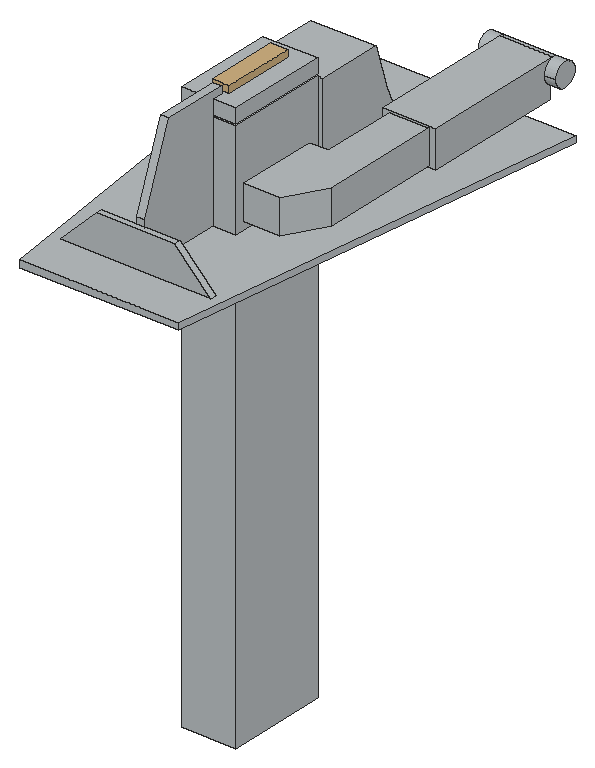
Revit family "Safety_Truck-Restraint_Nova-Tech_TruckLockANCHOR-Flange", category Generic Models, host Face, Revit 2017
Family settings
  Host = Face
  Can host rebar = No
  Round Connector Dimension = Use Diameter
  Part Type = Normal
  OmniClass Number = 23.50.70.27
  OmniClass Title = Truck Restraints
  Cut with Voids When Loaded = No
  Shared = No
  Room Calculation Point = No
Parameters
  Warranty Duration (Years) = 0
  Unit Width = 1' - 3 59/64"
  Unit Height = 0' - 10"
  Unit Depth = 2' - 1 5/128"
  URL = "http://www.novalocks.com/"
  Test Data = ""
  Specification = "http://arcat.com/arcatcos/cos43/arc43493.html?isac=1&r=2"
  SpecWizard = ""
  Send Message = "http://www.arcat.com/users.pl?action=UserEmail&company=Nova+Technology&coid=43493&rep=132&fax=262-502-1511&mf="
  Sales Information = "http://www.novalocks.com/general-contact-info/"
  Revision = "R1_4_2013"
  Restraint [instance] = Metal - Nova - Yellow
  Product Properties = ""
  Product Data = "http://arcat.com/arcatcos/cos43/arc43493.html?isac=1&r=2"
  Model = "As Specified"
  Manufacturer Website = "http://www.novalocks.com/"
  Manufacturer Phone - Toll Free = "800-236-7325"
  Manufacturer Phone = "262-502-1591"
  Manufacturer Fax = "262-502-1511"
  Manufacturer Address = "N90 W14507 Commerce Dr. Menomonee Falls, WI 53051"
  Manufacturer = "Nova Technology"
  Maintenance Schedule (Months) = 0
  Keynote = "11160"
  Installation-Fabrication = ""
  Installation Phase = ""
  Green Building-LEED = ""
  Fixture Material = Metal - Nova - Zinc Coated Steel
  Expected Lifespan (Years) = 0
  Drawn By = "Sumex Design, Inc. / Robert S. Weygant, CSI, CDT, SCIP"
  Dock Bumper Thickness [instance] = 0' - 4"
  Description = "Nova Technology Dock Product as Specified"
  Default Elevation = 4' - 0"
  Crack Free Zone Diameter [instance] = 1' - 8"
  Core Depth = 2' - 6"
  Copyright = "©Arcat Inc."
  Construction Details = ""
  Building Codes = ""
  Assembly Code = "E1030300"
Reference planes (in)
  plane 1 "Center (Front/Back)": y = 10.76898
  plane 2: z = 0
  plane 3 "Center (Left/Right)": x = 0
  plane 4: y = 8.44898
  plane 5: y = 12.76898
  plane 6: x = -10
  plane 7: x = 10
  plane 8 "Dock Bumper Face": y = 22.76898
  plane 9 "Dock Wall": y = 26.76898
  plane 10: z = -30
Forms (in)
  Extrusion 1, void
    sketch origin (0, 0, 0) x (1, 0, 0) y (0, 1, 0)
      loop
        circle (0, 10.76898) r 5
    from 0 to -30
  Extrusion 2, solid, material "Metal - Nova - Zinc Coated Steel" <- "Fixture Material"
    sketch origin (0, 2.55, 0) x (1, 0, 0) y (0, 1, 0)
      loop
        line (-7.96, 22.04898) -> (-4.68, -2.99102) -> (4.68, -2.99102) -> (7.96, 22.04898) -> (-7.96, 22.04898)
    from 0 to 0.39844
  Extrusion 3, solid, material "Metal - Nova - Zinc Coated Steel" <- "Fixture Material"
    sketch origin (0, 2.55, 0) x (0, 1, 0) y (0, 0, 1)
      loop
        line (0.04898, 0.39844) -> (5.64898, 0.39844) -> (5.64898, 7.5) -> (1.81508, 7.5) -> (0.04898, 2.89844) -> (0.04898, 0.39844)
    from 0.25 to -0.25
  Extrusion 4, solid, material "Metal - Nova - Yellow" <- "Restraint"
    sketch origin (0, 2.55, 0) x (0, 1, 0) y (0, 0, 1)
      loop
        line (5.89898, 7.5) -> (5.89898, -26.99449) -> (10.21898, -26.99449) -> (10.21898, 7.5) -> (5.89898, 7.5)
    from -0.48047 to 0.48047
  Extrusion 5, solid, material "Metal - Nova - Zinc Coated Steel" <- "Fixture Material"
    sketch origin (0, 0, 0) x (0, 1, 0) y (0, 0, 1)
      loop
        line (7.57398, -26.63156) -> (13.57398, -26.63156) -> (13.57398, 6.126) -> (7.57398, 6.126) -> (7.57398, -26.63156)
    from 1.60156 to -1.60156
  Extrusion 6, solid, material "Metal - Nova - Zinc Coated Steel" <- "Fixture Material"
    sketch origin (0, 0, 0) x (1, 0, 0) y (0, 1, 0)
      loop
        line (-1.60156, 13.57398) -> (-1.60156, 7.57398) -> (1.60156, 7.57398) -> (1.60156, 13.57398) -> (-1.60156, 13.57398)
    from 6.26995 to 7.09893
  Extrusion 7, solid, material "Metal - Nova - Zinc Coated Steel" <- "Fixture Material"
    sketch origin (0, 0, 0) x (0, 1, 0) y (0, 0, 1)
      loop
        line (13.57398, 0.39844) -> (19.65398, 0.39844) -> (18.23041, 3.59585) -> (17.45686, 6.126) -> (13.57398, 6.126) -> (13.57398, 0.39844)
    from -1.92156 to 1.92156
  Extrusion 8, solid, material "Metal - Nova - Zinc Coated Steel" <- "Fixture Material"
    sketch origin (0, 0, 0) x (0, 1, 0) y (0, 0, 1)
      loop
        circle (26.08148, 2.32844) r 0.6875
    from 1.60149 to 6.16149
  Extrusion 9, solid, material "Metal - Nova - Zinc Coated Steel" <- "Fixture Material"
    sketch origin (0, 0, 0) x (0, 1, 0) y (0, 0, 1)
      loop
        line (26.08148, 3.01594) -> (17.44898, 3.01594) -> (17.44898, 0.85594) -> (25.83148, 0.85594) -> (25.83148, 2.83233)
        arc (25.83148, 2.83233) -> (26.18793, 2.88077) -> (26.50085, 2.70332) r 0.5625
        line (26.50085, 2.70332) -> (26.50085, 1.99835) -> (26.62585, 1.99835) -> (26.62585, 2.74835)
        arc (26.62585, 2.74835) -> (26.38477, 2.94542) -> (26.08148, 3.01594) r 0.6875
    from 2.31843 to 5.44454
  Extrusion 10, solid, material "Metal - Nova - Zinc Coated Steel" <- "Fixture Material"
    sketch origin (0, 0, 0) x (1, 0, 0) y (0, 1, 0)
      loop
        line (1.60156, 8.07398) -> (3.76156, 8.07398) -> (5.06156, 10.32565) -> (5.06156, 20.82565) -> (2.74156, 20.82565) -> (2.74156, 12.94898) -> (1.60156, 12.94898) -> (1.60156, 8.07398)
    from 0.91171 to 2.91016
  Extrusion 11, solid, material "Metal - Nova - Zinc Coated Steel" <- "Fixture Material"
    sketch origin (-13.42778, 8.44898, 48) x (-1, 0, 0) y (0, 0, 1)
      loop
        line (-17.85778, -47.60156) -> (-8.99778, -47.60156) -> (-11.1191, -45.48024) -> (-15.73646, -45.48024) -> (-17.85778, -47.60156)
    from -5.85 to -6.21351
Cuts and joins
  joined: Extrusion 2, Extrusion 3, Extrusion 5, Extrusion 6, Extrusion 7, Extrusion 8, Extrusion 9, Extrusion 10, Extrusion 11
Lines and regions (in)
  symbolic lines, style "GenericModelHiddenLines"
    curve 1: arc (-10, 10.76898, 0) -> (0, 0.76898, 0) -> (10, 10.76898, 0) r 10
    curve 2: line (10, 10.76898, 0) -> (10, 26.76898, 0)
    curve 3: line (10, 26.76898, 0) -> (-10, 26.76898, 0)
    curve 4: line (-10, 26.76898, 0) -> (-10, 10.76898, 0)
Dimensions and locks (in)
  equal spacing: plane 6, plane 3 "Center (Left/Right)", plane 7
  "Crack Free Zone Diameter": plane 6 to plane 7
  locked: plane 8 "Dock Bumper Face" to plane 1 "Center (Front/Back)" at 12
  locked: plane 8 "Dock Bumper Face" to plane 5 at 10
  locked: plane 5 to plane 4 at 4.32
  "Dock Bumper Thickness": plane 9 "Dock Wall" to plane 8 "Dock Bumper Face"
  "Core Depth": level to plane 10
  Extrusion 2 sketch curve to plane 3 "Center (Left/Right)" to Extrusion 2 sketch curve = 0' - 7.96" locked, 0' - 7.96" locked
  Extrusion 2 sketch curve to plane 3 "Center (Left/Right)" to Extrusion 2 sketch curve = 0' - 4.68" locked, 0' - 4.68" locked
  Extrusion 5 sketch curve to plane 1 "Center (Front/Back)" to Extrusion 5 sketch curve = 0' - 3.195" locked, 0' - 2.805" locked
  locked: Extrusion 8 sketch curve to plane 9 "Dock Wall" at 0.6875
  Extrusion 9 sketch curve to Extrusion 9 sketch curve to Extrusion 9 sketch curve to plane 9 "Dock Wall" = 0' - 0.66936" locked, 0' - 0 1/8" locked, 0' - 0.14314" locked
  locked: plane 1 "Center (Front/Back)" to Extrusion 9 sketch curve at 6.68
  aligned and locked: plane 2 to host face
  aligned and locked: level to host face
  aligned and locked: plane 9 "Dock Wall" to curve 3
  aligned and locked: plane 7 to curve 2
  aligned and locked: curve 4 to plane 6
  aligned and locked: Extrusion 1 to plane 10
  aligned and locked: level to Extrusion 1
Automatic sketch dimensions
  host sketch curve to host sketch curve = 8' - 0"  (x2)
  Extrusion 1 sketch curve to plane 1 "Center (Front/Back)" = 0' - 0"
  Extrusion 1 sketch curve to plane 3 "Center (Left/Right)" = 0' - 0"
  plane 8 "Dock Bumper Face" to Extrusion 2 sketch curve = 0' - 1.83"
  Extrusion 2 sketch curve to plane 4 = 0' - 8.89"
  Extrusion 4 sketch curve to plane 1 "Center (Front/Back)" = 0' - 2"
  plane 10 to Extrusion 4 sketch curve = 0' - 3.00551"
  Extrusion 4 sketch curve to plane 4 = 0' - 0"
  plane 10 to Extrusion 5 sketch curve = 0' - 3.36844"
  Extrusion 6 sketch curve to plane 3 "Center (Left/Right)" = 0' - 1 77/128"
  plane 3 "Center (Left/Right)" to Extrusion 6 sketch curve = 0' - 1 77/128"
  Extrusion 6 sketch curve to plane 4 = 0' - 0 7/8"
  plane 5 to Extrusion 6 sketch curve = 0' - 0.805"
  level to Extrusion 8 sketch curve = 0' - 2.32844"
  level to Extrusion 3 sketch curve = 0' - 2 115/128"
  Extrusion 3 sketch curve to plane 4 = 0' - 5.85"
  Extrusion 3 sketch curve to plane 4 = 0' - 4.08391"
  Extrusion 3 sketch curve to plane 4 = 0' - 0 1/4"
  level to Extrusion 3 sketch curve = 0' - 0 51/128"
  level to Extrusion 7 sketch curve = 0' - 0 51/128"
  plane 5 to Extrusion 7 sketch curve = 0' - 0.805"
  Extrusion 7 sketch curve to Extrusion 7 sketch curve = 0' - 3.88288"
  Extrusion 7 sketch curve to Extrusion 7 sketch curve = 0' - 0.77355"
  Extrusion 7 sketch curve to plane 8 "Dock Bumper Face" = 0' - 3.115"
  Extrusion 7 sketch curve to Extrusion 7 sketch curve = 0' - 3.19741"
  Extrusion 7 sketch curve to Extrusion 7 sketch curve = 0' - 2.53016"
  Extrusion 10 sketch curve to plane 4 = 0' - 0 3/8"
  plane 3 "Center (Left/Right)" to Extrusion 10 sketch curve = 0' - 1 77/128"
  plane 5 to Extrusion 10 sketch curve = 0' - 0.18"
  Extrusion 10 sketch curve to Extrusion 10 sketch curve = 0' - 1.14"
  Extrusion 10 sketch curve to Extrusion 10 sketch curve = 0' - 2.16"
  plane 1 "Center (Front/Back)" to Extrusion 10 sketch curve = 0' - 0.44333"
  Extrusion 10 sketch curve to Extrusion 10 sketch curve = 0' - 1.3"
  Extrusion 10 sketch curve to plane 8 "Dock Bumper Face" = 0' - 1.94333"
  Extrusion 9 sketch curve to Extrusion 9 sketch curve = 0' - 0"  (x2)
  Extrusion 9 sketch curve to Extrusion 9 sketch curve = 0' - 0.41936"
  level to Extrusion 9 sketch curve = 0' - 0.85594"
  Extrusion 9 sketch curve to Extrusion 9 sketch curve = 0' - 1.14241"
  Extrusion 9 sketch curve to Extrusion 9 sketch curve = 0' - 0.33009"
  Extrusion 9 sketch curve to Extrusion 9 sketch curve = 0' - 0.37489"
  Extrusion 9 sketch curve to Extrusion 9 sketch curve = 0' - 0.04502"
  curve 1 to plane 1 "Center (Front/Back)" = 0' - 0"
  level to Extrusion 11 sketch curve = 0' - 0 51/128"
  plane 3 "Center (Left/Right)" to Extrusion 11 sketch curve = 0' - 4.43"
  plane 3 "Center (Left/Right)" to Extrusion 11 sketch curve = 0' - 2.30868"
  Extrusion 11 sketch curve to plane 3 "Center (Left/Right)" = 0' - 2.30868"
  Extrusion 11 sketch curve to Extrusion 11 sketch curve = 0' - 2.12132"
  level to Extrusion 11 sketch curve = 0' - 2.51976"
  Extrusion 3 sketch curve to Extrusion 3 sketch curve = 0' - 7 13/128"
  level to Extrusion 4 sketch curve = 0' - 7 1/2"
  level to Extrusion 5 sketch curve = 0' - 6.126"
  radius of Extrusion 1 sketch curve = 0' - 5"
  radius of Extrusion 8 sketch curve = 0' - 0 11/16"
